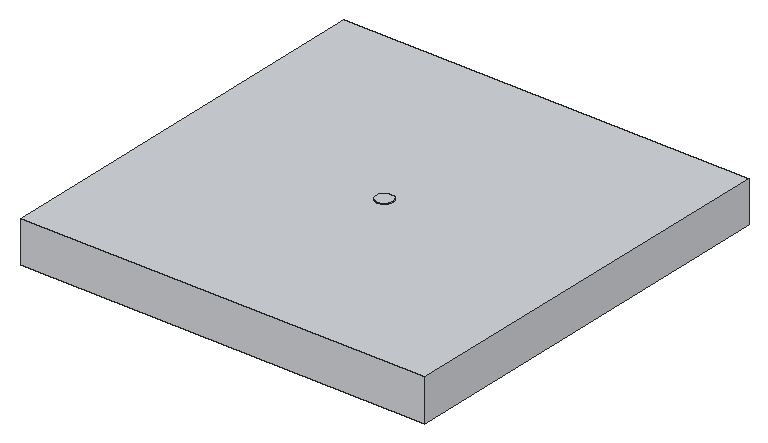
Revit family "M_Round Face Opening Solid", category Generic Models, host Face, Revit 2020
Family settings
  Host = Face
  Can host rebar = No
  Round Connector Dimension = Use Diameter
  Part Type = Normal
  OmniClass Number = 23.30.00.00
  OmniClass Title = Openings, Passages, Protection
  Cut with Voids When Loaded = Yes
  Shared = No
  Room Calculation Point = No
Parameters (values of type "Round Face Opening")
  Struc - Date [instance] = ""
  Struc - Comment [instance] = "-"
  Struc - Approval [instance] = no
  Slope_Help [instance] = if(Face Offset_True = 0 cm, 0.2 cm, 0.1 cm)  # 0.2 cm
  Service Type [instance] = ""
  Opening Shape [instance] = ""
  Opening Mark [instance] = ""
  Opening Level [instance] = ""
  Opening Elevation [instance] = 0 cm
  Opening Absolute Level [instance] = 0 cm
  MEP - Not Required [instance] = no
  MEP - Date [instance] = ""
  MEP - Comment [instance] = "-"
  MEP - Approval [instance] = no
  Face Offset_Positive [instance] = if(Face Offset_True > 0 cm, Face Offset_True, 0 cm)  # 0 cm
  Face Offset_Negative [instance] = if(Face Offset_True < 0 cm, -Face Offset_True, 0 cm)  # 0 cm
  Face Offset_True [instance] = if(Slope = 0.00°, Face Offset, 0 cm)  # 0 cm
  Face Offset [instance] = 0 cm
  Top Length [instance] = if(Face Offset_True = 0 cm, if(or(Slope < -1.00°, Slope > 1.00°), Diameter_True / 2 * if(Angle > 90.00°, -tan(Slope), tan(Slope)), 0 cm), 0 cm)  # 0 cm
  System Type [instance] = ""
  System Name [instance] = ""
  System Classification [instance] = ""
  Subcategory = "Cut Opening"  # constant formula
  Slope_T [instance] = if(and(not(Slope < 0.00°), Slope < 85.00°), Slope, 0.00°)  # 0.00°
  Slope [instance] = 0.00°
  Radius True [instance] = Diameter_True / 2  # 5 cm
  Radius [instance] = Diameter / 2  # 5 cm
  Opening Area [instance] = pi() * (Diameter / 2) ^ 2  # 0.00785398 m²
  Insertion Date [instance] = ""
  Insertion Configuration [instance] = ""
  Inserted By [instance] = ""
  Host [instance] = ""
  Filled Region = no
  Lines [instance] = not(Filled Region)  # yes
  Diameter [instance] = if(D > 0.4 cm, D + 2 * Cut Offset, 0.4 cm)  # 10 cm
  Detail - Yes / No [instance] = no
  Depth [instance] = 25 cm
  Dashed Outline = no
  D(") [instance] = (D) / (2.54)  # 3.937 cm
  D Total [instance] = Diameter  # 10 cm
  D [instance] = 10 cm
  Depth_True [instance] = if(Depth + Face Offset_True > 0.2 cm, Depth + Face Offset_True, 0.2 cm)  # 25 cm
  Cut Offset Report [instance] = Cut Offset  # 0 cm
  Cut Offset [instance] = 0 cm
  Bottom Length [instance] = if(Face Offset_True = 0 cm, Depth_True / sin(if(or(Angle = 0.00°, Angle = 180.00°, Angle = 360.00°), 90.00°, Angle)) + if(or(Slope < -1.00°, Slope > 1.00°), Diameter_True / 2 * if(Angle > 90.00°, -tan(Slope), tan(Slope)), 0 cm), Depth_True)  # 25 cm
  Diameter_True [instance] = Diameter / sin(Angle)  # 10 cm
  Extrusion End [instance] = if(Depth > 0.2 cm, -Depth_True, -0.2 cm)  # -25 cm
  Default Elevation = 0 cm
  Assembly Code = ""
  Arc - Date [instance] = ""
  Arc - Comment [instance] = "-"
  Arc - Approval [instance] = no
  Angle [instance] = 90.00° - Slope  # 90.00°
  #Phase Created [instance] = ""
  #Level [instance] = ""
  #Family Name = "Basic Wall"
  #Elevation at Bottom [instance] = 0 cm
  ##Reference Level [instance] = ""
  ##Middle Elevation [instance] = 0 cm
  ##Design Option [instance] = ""
Reference planes (cm)
  plane 1 "Center (Front/Back)": y = 0
  plane 2: z = 0
  plane 3 "Center (Left/Right)": x = 0
  plane 4: x = -5
  plane 5: x = 5
  plane 6: y = -5
  plane 7: y = 5
  plane 8 "Face Offset_Positive": z = 0
  plane 9 "Face Offset_Negative": z = 0
Forms (cm)
  Extrusion 1, solid
    sketch origin (0, 0, 0) x (1, 0, 0) y (0, 1, 0)
      loop
        line (-121.92, 121.92) -> (-121.92, -121.92) -> (121.92, -121.92) -> (121.92, 121.92) -> (-121.92, 121.92)
    from 0 to -25 <- "Extrusion End"
  Sweep 2, solid
    path in 3D
      loop
        line (0, 0, 0) -> (0, 0, -0.2) -> (0, 0, -25)
    profile origin (0, 0, -12.6) x (1, 0, 0) y (0, 1, 0)
      loop
        circle (0, 0) r 5
Lines and regions (cm)
  reference lines
    curve 1: line (0, 0, -0.2) -> (0, 0, 0)
    curve 2: line (0, 0, -0.2) -> (0, 0, -25)
  sketch lines
    curve 3: line (0, 0, -0.2) -> (0, 0, -25)
    curve 4: line (0, 0, -0.2) -> (0, 0, 0)
  symbolic lines
    curve 5: line (-3.5355, -3.5355, 0) -> (3.5355, 3.5355, 0)
    curve 6: line (-3.5355, 3.5355, 0) -> (3.5355, -3.5355, 0)
  symbolic lines, visible <- "Dashed Outline"
    curve 7: circle (0, 0, 0) r 5 normal (0, 0, 1)
Dimensions and locks (cm)
  equal spacing: plane 4, plane 3 "Center (Left/Right)", plane 5
  "Diameter": plane 4 to plane 5
  equal spacing: plane 7, plane 1 "Center (Front/Back)", plane 6
  "Diameter_True": plane 7 to plane 6
  "Bottom Length": plane 9 "Face Offset_Negative" to curve 2
  "Top Length": plane 9 "Face Offset_Negative" to curve 1
  locked: curve 5 to curve 2
  locked: curve 6 to curve 2
  "Face Offset_Positive": plane 8 "Face Offset_Positive" to plane 2
  "Face Offset_Negative": plane 8 "Face Offset_Positive" to plane 9 "Face Offset_Negative"
  "Slope_Help": plane 9 "Face Offset_Negative" to curve 1
  "Radius": radius of Sweep 2 sketch curve
  "Radius": radius of curve 7
  "Angle": angle curve 2 to level
  "Angle": angle curve 1 to level
  angle plane 1 "Center (Front/Back)" to curve 5 = 45.00°
  angle curve 6 to plane 1 "Center (Front/Back)" = 45.00°
  aligned and locked: plane 2 to Extrusion 1
  aligned and locked: level to Extrusion 1
  aligned and locked: plane 1 "Center (Front/Back)" to curve 2
  aligned and locked: plane 3 "Center (Left/Right)" to Sweep 2 sketch curve
  aligned and locked: plane 6 to nested 1
  aligned and locked: nested 2 to plane 4
  aligned and locked: plane 6 to nested 3
  aligned and locked: plane 6 to nested 4
  aligned and locked: nested 5 to plane 4
  aligned and locked: nested 6 to plane 4
  aligned and locked: nested 4 to plane 9 "Face Offset_Negative"
  aligned and locked: nested 3 to plane 9 "Face Offset_Negative"
  aligned and locked: nested 1 to plane 9 "Face Offset_Negative"
  aligned and locked: nested 5 to plane 9 "Face Offset_Negative"
  aligned and locked: nested 2 to plane 9 "Face Offset_Negative"
  aligned and locked: nested 6 to plane 9 "Face Offset_Negative"
  aligned and locked: plane 3 "Center (Left/Right)" to curve 7
  aligned and locked: plane 1 "Center (Front/Back)" to curve 7
Automatic sketch dimensions
  Extrusion 1 sketch curve to Extrusion 1 sketch curve = 243.84 cm  (x2)
  profile plane to Sweep 2 sketch curve = 0 cm
Nested families (cm)
  nested 1: "Opening Lines - Front/Side" at (0, -5, 0) x (0, 1, 0) z (1, 0, 0), Width_or_Height <- "Diameter_True", Depth <- "Depth_True", Angle <- "Angle", visible <- "Lines", type "Standard"
    with Width_or_Height_True 10 cm, Width_or_Height 10 cm, Test Angle q 36.00°, Test Angle p 225.00°, Side Length 25 cm, Region Visible yes, built-in parameter 1001306 0.32808 (stored number, unit not read), Diagonal q 26.9258 cm, Diagonal p 26.9258 cm, Depth_True 25 cm, Depth 25 cm, Coeff2 2.5, Coeff1 0.4, Angle_True 90.00°, Angle 90.00°
  nested 2: "Opening Region - Front/Side" at (-5, 0, 0) x (1, 0, 0) z (0, -1, 0), Width_or_Height <- "Diameter", Depth <- "Depth_True", visible <- "Filled Region", type "Standard"
    with Width_or_Height_True 10 cm, Width_or_Height 10 cm, Test Angle q 36.00°, Test Angle p 225.00°, Side Length 25 cm, Region Visible yes, built-in parameter 1001306 0.32808 (stored number, unit not read), Diagonal q 26.9258 cm, Diagonal p 26.9258 cm, Depth_True 25 cm, Depth 25 cm, Coeff2 2.5, Coeff1 0.4, Angle_True 90.00°, Angle 90.00°
  nested 3: "Opening Region - Front/Side" at (0, -5, 0) x (0, 1, 0) z (1, 0, 0), Angle <- "Angle", visible <- "Filled Region", Depth <- "Depth_True", Width_or_Height <- "Diameter_True", type "Standard"
    with Width_or_Height_True 10 cm, Width_or_Height 10 cm, Test Angle q 36.00°, Test Angle p 225.00°, Side Length 25 cm, Region Visible yes, built-in parameter 1001306 0.32808 (stored number, unit not read), Diagonal q 26.9258 cm, Diagonal p 26.9258 cm, Depth_True 25 cm, Depth 25 cm, Coeff2 2.5, Coeff1 0.4, Angle_True 90.00°, Angle 90.00°
  nested 4: "Opening Outlines - Front/Side" at (0, -5, 0) x (0, 1, 0) z (1, 0, 0), Width_or_Height <- "Diameter_True", Depth <- "Depth_True", Angle <- "Angle", visible <- "Dashed Outline", type "Standard"
    with Width_or_Height_True 10 cm, Width_or_Height 10 cm, Test Angle q 36.00°, Test Angle p 225.00°, Side Length 25 cm, Region Visible yes, built-in parameter 1001306 0.32808 (stored number, unit not read), Diagonal q 26.9258 cm, Diagonal p 26.9258 cm, Depth_True 25 cm, Depth 25 cm, Coeff2 2.5, Coeff1 0.4, Angle_True 90.00°, Angle 90.00°
  nested 5: "Opening Lines - Front/Side" at (-5, 0, 0) x (1, 0, 0) z (0, -1, 0), Width_or_Height <- "Diameter", Depth <- "Depth_True", visible <- "Lines", type "Standard"
    with Width_or_Height_True 10 cm, Width_or_Height 10 cm, Test Angle q 36.00°, Test Angle p 225.00°, Side Length 25 cm, Region Visible yes, built-in parameter 1001306 0.32808 (stored number, unit not read), Diagonal q 26.9258 cm, Diagonal p 26.9258 cm, Depth_True 25 cm, Depth 25 cm, Coeff2 2.5, Coeff1 0.4, Angle_True 90.00°, Angle 90.00°
  nested 6: "Opening Outlines - Front/Side" at (-5, 0, 0) x (1, 0, 0) z (0, -1, 0), Width_or_Height <- "Diameter", Depth <- "Depth_True", visible <- "Dashed Outline", type "Standard"
    with Width_or_Height_True 10 cm, Width_or_Height 10 cm, Test Angle q 36.00°, Test Angle p 225.00°, Side Length 25 cm, Region Visible yes, built-in parameter 1001306 0.32808 (stored number, unit not read), Diagonal q 26.9258 cm, Diagonal p 26.9258 cm, Depth_True 25 cm, Depth 25 cm, Coeff2 2.5, Coeff1 0.4, Angle_True 90.00°, Angle 90.00°
Definition of nested family "Opening Lines - Front/Side"
  Parameters
    Width_or_Height_True [instance] = if(Width_or_Height < 0.2 cm, 0.2 cm, if(or(0.5 * Diagonal q < 0.1 cm, 0.5 * Diagonal q < 0.1 cm), 0.2 cm, Width_or_Height))  # 2 cm
    Width_or_Height [instance] = 2 cm
    Test Angle q [instance] = Coeff1 * Angle  # 60.00°
    Test Angle p [instance] = Coeff2 * Angle  # 60.00°
    Side Length [instance] = Depth / sin(Angle)  # 2.3094 cm
    Region Visible [instance] = if(Angle < 20.00°, 1 = 0, if(or(Test Angle q < 3.00°, Test Angle p < 3.00°), 1 = 0, if(or(Width_or_Height < 0.2 cm, Depth < 0.2 cm), 1 = 0, if(or(0.5 * Diagonal q < 0.1 cm, 0.5 * Diagonal q < 0.1 cm), 1 = 0, 1 = 1))))  # yes
    built-in parameter 1001306 [instance] = Width_or_Height_True  # 0.065617 (stored number, unit not read)
    Diagonal q [instance] = if(Angle < 90.00°, sqrt(Side Length ^ 2 + Width_or_Height ^ 2 + 2 * Width_or_Height * Side Length * cos(Angle)), sqrt(Side Length ^ 2 + Width_or_Height ^ 2 - 2 * Width_or_Height * Side Length * cos(Angle)))  # 3.7353 cm
    Diagonal p [instance] = if(Angle < 90.00°, sqrt(Side Length ^ 2 + Width_or_Height ^ 2 - 2 * Width_or_Height * Side Length * cos(Angle)), sqrt(Side Length ^ 2 + Width_or_Height ^ 2 + 2 * Width_or_Height * Side Length * cos(Angle)))  # 2.1713 cm
    Depth_True [instance] = if(or(Test Angle q < 2.00°, Test Angle p < 2.00°), Width_or_Height, if(Depth < 0.2 cm, 0.2 cm, if(or(0.5 * Diagonal q < 0.1 cm, 0.5 * Diagonal q < 0.1 cm), Width_or_Height_True, Depth)))  # 2 cm
    Depth [instance] = 2 cm
    Coeff2 [instance] = Depth / Width_or_Height  # 1
    Coeff1 [instance] = Width_or_Height / Depth  # 1
    Angle_True [instance] = if(Angle < 20.00°, 90.00°, if(or(Test Angle q < 3.00°, Test Angle p < 3.00°), 90.00°, if(or(0.5 * Diagonal q < 0.1 cm, 0.5 * Diagonal q < 0.1 cm), 90.00°, Angle)))  # 60.00°
    Angle [instance] = 60.00°
  Reference planes (cm)
    plane 1 "Center (Front/Back)": y = 0
    plane 2: z = 0
    plane 3 "Left": x = 0
    plane 4 "Right": x = 2
    plane 5: y = -2
  Lines and regions (cm)
    reference lines, in view "Ref. Level"
      curve 1: line (0, 0, 0) -> (2, 0, 0)
      curve 2: line (2, 0, 0) -> (0.8453, -2, 0)
      curve 3: line (0, 0, 0) -> (-1.1547, -2, 0)
      curve 4: line (0, 0, 0) -> (0.8453, -2, 0)
      curve 5: line (-1.1547, -2, 0) -> (2, 0, 0)
    detail lines, in view "Ref. Level"
      curve 6: line (2, 0, 0) -> (-1.1547, -2, 0)
      curve 7: line (0, 0, 0) -> (0.8453, -2, 0)
  Dimensions and locks (cm)
    plane 3 "Left" to plane 4 "Right" = 2 cm
    "Depth_True": plane 1 "Center (Front/Back)" to plane 5
    "Width_or_Height_True": plane 3 "Left" to plane 4 "Right"
    "Angle_True": angle plane 5 to curve 2
    "Angle_True": angle plane 5 to curve 3
    aligned and locked: plane 4 "Right" to curve 1
    aligned and locked: plane 3 "Left" to curve 1
    aligned and locked: plane 5 to curve 2
    aligned and locked: plane 1 "Center (Front/Back)" to curve 1
    aligned and locked: curve 5 to curve 6
    aligned and locked: curve 7 to curve 4  (x2)
    aligned and locked: curve 6 to curve 5
  Automatic sketch dimensions
    curve 5 to plane 5 = 0 cm
    curve 6 to plane 5 = 0 cm
    plane 1 "Center (Front/Back)" to curve 7 = 0 cm
    curve 7 to plane 5 = 0 cm
    plane 1 "Center (Front/Back)" to curve 6 = 0 cm
Definition of nested family "Opening Region - Front/Side"
  Parameters
    Width_or_Height_True [instance] = if(Width_or_Height < 0.2 cm, 0.2 cm, if(or(0.5 * Diagonal q < 0.1 cm, 0.5 * Diagonal q < 0.1 cm), 0.2 cm, Width_or_Height))  # 10 cm
    Width_or_Height [instance] = 10 cm
    Test Angle q [instance] = Coeff1 * Angle  # 40.00°
    Test Angle p [instance] = Coeff2 * Angle  # 160.00°
    Side Length [instance] = Depth / sin(Angle)  # 20.3085 cm
    Region Visible [instance] = if(Angle < 20.00°, 1 = 0, if(or(Test Angle q < 3.00°, Test Angle p < 3.00°), 1 = 0, if(or(Width_or_Height < 0.2 cm, Depth < 0.2 cm), 1 = 0, if(or(0.5 * Diagonal q < 0.1 cm, 0.5 * Diagonal q < 0.1 cm), 1 = 0, 1 = 1))))  # yes
    built-in parameter 1001306 [instance] = Width_or_Height_True  # 0.32808 (stored number, unit not read)
    Diagonal q [instance] = if(Angle < 90.00°, sqrt(Side Length ^ 2 + Width_or_Height ^ 2 + 2 * Width_or_Height * Side Length * cos(Angle)), sqrt(Side Length ^ 2 + Width_or_Height ^ 2 - 2 * Width_or_Height * Side Length * cos(Angle)))  # 24.1447 cm
    Diagonal p [instance] = if(Angle < 90.00°, sqrt(Side Length ^ 2 + Width_or_Height ^ 2 - 2 * Width_or_Height * Side Length * cos(Angle)), sqrt(Side Length ^ 2 + Width_or_Height ^ 2 + 2 * Width_or_Height * Side Length * cos(Angle)))  # 21.0216 cm
    Depth_True [instance] = if(or(Test Angle q < 2.00°, Test Angle p < 2.00°), Width_or_Height, if(Depth < 0.2 cm, 0.2 cm, if(or(0.5 * Diagonal q < 0.1 cm, 0.5 * Diagonal q < 0.1 cm), Width_or_Height_True, Depth)))  # 20 cm
    Depth [instance] = 20 cm
    Coeff2 [instance] = Depth / Width_or_Height  # 2
    Coeff1 [instance] = Width_or_Height / Depth  # 0.5
    Angle_True [instance] = if(Angle < 20.00°, 90.00°, if(or(Test Angle q < 3.00°, Test Angle p < 3.00°), 90.00°, if(or(0.5 * Diagonal q < 0.1 cm, 0.5 * Diagonal q < 0.1 cm), 90.00°, Angle)))  # 80.00°
    Angle [instance] = 80.00°
  Reference planes (cm)
    plane 1 "Center (Front/Back)": y = 0
    plane 2: z = 0
    plane 3 "Left": x = 0
    plane 4 "Right": x = 10
    plane 5: y = -20
  Lines and regions (cm)
    Filled region 1, type "Solid Fill - Black", in view "Ref. Level", visible <- "Region Visible"
      outline origin (0, 0, 0) x (1, 0, 0) y (0, 1, 0)
        loop
          line (10, 0) -> (3.2367, -10) -> (6.4735, -20) -> (10, 0)
    Filled region 2, type "Solid Fill - Black", in view "Ref. Level", visible <- "Region Visible"
      outline origin (0, 0, 0) x (1, 0, 0) y (0, 1, 0)
        loop
          line (0, 0) -> (-3.5265, -20) -> (3.2367, -10) -> (0, 0)
    reference lines, in view "Ref. Level"
      curve 1: line (0, 0, 0) -> (10, 0, 0)
      curve 2: line (10, 0, 0) -> (6.4735, -20, 0)
      curve 3: line (0, 0, 0) -> (-3.5265, -20, 0)
      curve 4: line (0, 0, 0) -> (6.4735, -20, 0)
      curve 5: line (-3.5265, -20, 0) -> (10, 0, 0)
  Dimensions and locks (cm)
    plane 3 "Left" to plane 4 "Right" = 10 cm
    "Depth_True": plane 1 "Center (Front/Back)" to plane 5
    "Width_or_Height_True": plane 3 "Left" to plane 4 "Right"
    "Angle_True": angle plane 5 to curve 2
    "Angle_True": angle plane 5 to curve 3
    aligned and locked: plane 4 "Right" to curve 1
    aligned and locked: plane 3 "Left" to curve 1
    aligned and locked: plane 5 to curve 2
    aligned and locked: plane 1 "Center (Front/Back)" to curve 1
    aligned and locked: Filled region 2 sketch curve to curve 3
    aligned and locked: Filled region 2 sketch curve to curve 5
    aligned and locked: Filled region 2 sketch curve to curve 4
    aligned and locked: Filled region 1 sketch curve to curve 5
    aligned and locked: Filled region 1 sketch curve to curve 4
    aligned and locked: Filled region 1 sketch curve to curve 2
  Automatic sketch dimensions
    curve 5 to plane 5 = 0 cm
Definition of nested family "Opening Outlines - Front/Side"
  Parameters (values of type "Standard")
    Width_or_Height_True [instance] = if(Width_or_Height < 0.2 cm, 0.2 cm, if(or(0.5 * Diagonal q < 0.1 cm, 0.5 * Diagonal q < 0.1 cm), 0.2 cm, Width_or_Height))  # 2 cm
    Width_or_Height [instance] = 2 cm
    Test Angle q [instance] = Coeff1 * Angle  # 60.00°
    Test Angle p [instance] = Coeff2 * Angle  # 60.00°
    Side Length [instance] = Depth / sin(Angle)  # 2.3094 cm
    Region Visible [instance] = if(Angle < 20.00°, 1 = 0, if(or(Test Angle q < 3.00°, Test Angle p < 3.00°), 1 = 0, if(or(Width_or_Height < 0.2 cm, Depth < 0.2 cm), 1 = 0, if(or(0.5 * Diagonal q < 0.1 cm, 0.5 * Diagonal q < 0.1 cm), 1 = 0, 1 = 1))))  # yes
    built-in parameter 1001306 [instance] = Width_or_Height_True  # 0.065617 (stored number, unit not read)
    Diagonal q [instance] = if(Angle < 90.00°, sqrt(Side Length ^ 2 + Width_or_Height ^ 2 + 2 * Width_or_Height * Side Length * cos(Angle)), sqrt(Side Length ^ 2 + Width_or_Height ^ 2 - 2 * Width_or_Height * Side Length * cos(Angle)))  # 3.7353 cm
    Diagonal p [instance] = if(Angle < 90.00°, sqrt(Side Length ^ 2 + Width_or_Height ^ 2 - 2 * Width_or_Height * Side Length * cos(Angle)), sqrt(Side Length ^ 2 + Width_or_Height ^ 2 + 2 * Width_or_Height * Side Length * cos(Angle)))  # 2.1713 cm
    Depth_True [instance] = if(or(Test Angle q < 2.00°, Test Angle p < 2.00°), Width_or_Height, if(Depth < 0.2 cm, 0.2 cm, if(or(0.5 * Diagonal q < 0.1 cm, 0.5 * Diagonal q < 0.1 cm), Width_or_Height_True, Depth)))  # 2 cm
    Depth [instance] = 2 cm
    Coeff2 [instance] = Depth / Width_or_Height  # 1
    Coeff1 [instance] = Width_or_Height / Depth  # 1
    Angle_True [instance] = if(Angle < 20.00°, 90.00°, if(or(Test Angle q < 3.00°, Test Angle p < 3.00°), 90.00°, if(or(0.5 * Diagonal q < 0.1 cm, 0.5 * Diagonal q < 0.1 cm), 90.00°, Angle)))  # 60.00°
    Angle [instance] = 60.00°
  Reference planes (cm)
    plane 1 "Center (Front/Back)": y = 0
    plane 2: z = 0
    plane 3 "Left": x = 0
    plane 4 "Right": x = 2
    plane 5: y = -2
  Lines and regions (cm)
    reference lines, in view "Ref. Level"
      curve 1: line (0, 0, 0) -> (2, 0, 0)
      curve 2: line (2, 0, 0) -> (0.8453, -2, 0)
      curve 3: line (0, 0, 0) -> (-1.1547, -2, 0)
    detail lines, in view "Ref. Level"
      curve 4: line (-1.1547, -2, 0) -> (0, 0, 0)
      curve 5: line (0, 0, 0) -> (2, 0, 0)
      curve 6: line (2, 0, 0) -> (0.8453, -2, 0)
      curve 7: line (0.8453, -2, 0) -> (-1.1547, -2, 0)
  Dimensions and locks (cm)
    plane 3 "Left" to plane 4 "Right" = 2 cm
    "Depth_True": plane 1 "Center (Front/Back)" to plane 5
    "Width_or_Height_True": plane 3 "Left" to plane 4 "Right"
    "Angle_True": angle plane 5 to curve 2
    "Angle_True": angle plane 5 to curve 3
    aligned and locked: plane 4 "Right" to curve 1
    aligned and locked: plane 3 "Left" to curve 1
    aligned and locked: plane 5 to curve 2
    aligned and locked: plane 1 "Center (Front/Back)" to curve 1
    aligned and locked: curve 2 to curve 6
    aligned and locked: plane 1 "Center (Front/Back)" to curve 5
    aligned and locked: plane 5 to curve 7
    aligned and locked: curve 4 to curve 3
